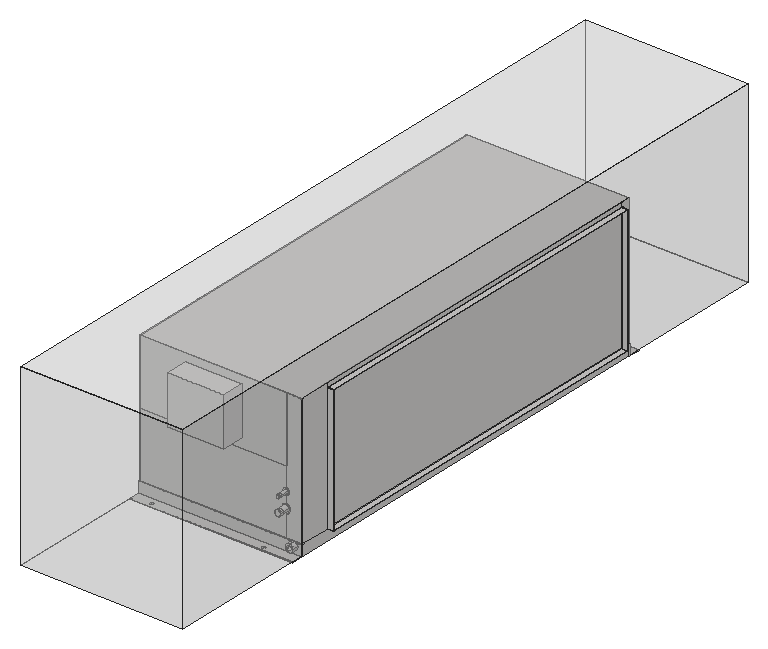
Revit family "outputfile", category 機械設備, Revit 2024
Family settings
  丸型コネクタ寸法 = 半径を使用
  パーツ タイプ = 標準
  OmniClass 番号 = 23.75.10.24.21.27.27
  OmniClass タイトル = Split System Air Conditioning Units
  作業面ベース = いいえ
  常に垂直 = はい
  ロード時にボイドで切り取り = いいえ
  注釈の向きを維持 = いいえ
  共有 = いいえ
  部屋計算ポイント = はい
Parameters (values of type "FDR500QY14")
  Description = ""
  書き出し IFC クラス(タイプ) = "IfcUnitaryEquipmentType"
  定義済み IFC タイプ(タイプ) = "AIRCONDITIONINGUNIT"
  Cost = 0
  Type Comments = ""
  Keynote = ""
  Type Image = (empty or 0)
  Assembly Code = ""
  angle_Drain Pipe [instance] = if(Rear Connection_drainpipe, -90.00°, 90.00°)  # 90.00°
  製造元 = "Daikin"
  モデル = "FDR500QY14"
  w2 = if(Depth = 2195.0 mm, 0.0 mm, if(Depth = 1980.0 mm, 0.0 mm, 352.0 mm))  # 0.0 mm
  w1 = if(Depth = 2195.0 mm, 0.0 mm, if(Depth = 1980.0 mm, 1.0 mm, 20.0 mm))  # 0.0 mm
  switch_frequency = yes
  r_Liquid Pipe Size = Liquid Pipe Size / 2  # 7.95 mm
  r_Gas Pipe Size = Gas Pipe Size / 2  # 14.3 mm
  r_Drain Pipe Size = Drain Pipe Size / 2  # 12.7 mm
  r_D = if(Depth = 2195.0 mm, 41.5 mm, if(Depth = 1980.0 mm, 41.5 mm, 34.5 mm))  # 41.5 mm
  lw_power = if(Depth = 2195.0 mm, Width / 2 - 249.0 mm, if(Depth = 1980.0 mm, Width / 2 - 128.0 mm, Width / 2 - 138.0 mm))  # 186.0 mm
  lw_mountinghole = if(Depth = 2195.0 mm, 100.0 mm, if(Depth = 1980.0 mm, 100.0 mm, if(Depth = 1330.0 mm, 59.0 mm, 59.0 mm)))  # 100.0 mm
  lh_SA = if(Depth = 2195.0 mm, 263.0 mm + SA Duct Size Height / 2, if(Depth = 1980.0 mm, 257.0 mm + SA Duct Size Height / 2, 156.0 mm + SA Duct Size Height / 2))  # 436.5 mm
  ld_SA = if(Depth = 2195.0 mm, 570.0 mm + SA Duct Size Width / 2, if(Depth = 1980.0 mm, 479.0 mm + SA Duct Size Width / 2, 128.0 mm + SA Duct Size Width / 2))  # 1092.5 mm
  ld_RA = if(Depth = 2195.0 mm, 171.0 mm + RA Duct Size Width / 2, if(Depth = 1980.0 mm, 169.0 mm + RA Duct Size Width / 2, 128.0 mm + RA Duct Size Width / 2))  # 1158.0 mm
  lh_power = if(Depth = 2195.0 mm, 490.0 mm, if(Depth = 1980.0 mm, 300.0 mm, 200.0 mm))  # 490.0 mm
  lh_RA = if(Depth = 2195.0 mm, 60.0 mm + RA Duct Size Height / 2, if(Depth = 1980.0 mm, 61.0 mm + RA Duct Size Height / 2, 156.0 mm + RA Duct Size Height / 2))  # 399.5 mm
  ld_power = if(Depth = 2195.0 mm, 75.8 mm, if(Depth = 1980.0 mm, 70.0 mm, 76.6 mm))  # 75.8 mm
  l_SA = if(Depth = 2195.0 mm, 36.0 mm, if(Depth = 1980.0 mm, 35.0 mm, 39.0 mm))  # 36.0 mm
  l_RA = if(Depth = 2195.0 mm, 36.0 mm, if(Depth = 1980.0 mm, 35.0 mm, 39.0 mm))  # 36.0 mm
  d = if(Depth = 1330.0 mm, 20.0 mm, 0.0 mm)  # 0.0 mm
  connector_voltage = Voltage_50Hz  # 400 V
  connector_powerinput = [Power Input (Cooling)]  # 26.390 kW
  connector_phase = Phase_50Hz  # 3
  Voltage_comment_50Hz = "380 - 415"
  Voltage_50Hz = 400 V
  URL = ""
  Supply Air Direction [instance] = yes
  Sound Power Level_H speed (dB) = 0
  Rear Connection_drainpipe [instance] = not(Front Connection_drainpipe)  # no
  Phase_50Hz = 3
  Minimum External Static Pressure = 0.00 Pa
  Minimum Circuit Amps_50Hz = 6.1 A
  Maximum Fuse Amps_50Hz = 16.0 A
  Maximum External Static Pressure = 150.00 Pa
  Material_Casing = DAIKIN_GalvanizedSteel_Casing_indoorunit
  lw_mountinghole_pitch = if(Depth = 2195.0 mm, 600.0 mm, if(Depth = 1980.0 mm, 600.0 mm, if(Depth = 1330.0 mm, 732.0 mm, 732.0 mm)))  # 600.0 mm
  lh_gaspipe = if(Depth = 2195.0 mm, 205.0 mm, if(Depth = 1980.0 mm, 205.0 mm, 187.0 mm))  # 205.0 mm
  lh_mountinghole = if(Depth = 2195.0 mm, 0.0 mm, if(Depth = 1980.0 mm, 0.0 mm, if(Depth = 1330.0 mm, 495.0 mm, 495.0 mm)))  # 0.0 mm
  lh_liquidpipe = if(Depth = 2195.0 mm, 285.0 mm, if(Depth = 1980.0 mm, 285.0 mm, 187.0 mm))  # 285.0 mm
  lh_drainpipe = if(Depth = 2195.0 mm, 38.0 mm, if(Depth = 1980.0 mm, 38.0 mm, 32.0 mm))  # 38.0 mm
  l_antena = Height - lh_mountinghole + 1.0 mm  # 761.0 mm
  ld_drainpipe = if(Depth = 2195.0 mm, Depth / 2 + 29.0 mm, if(Depth = 1980.0 mm, Depth / 2 + 29.0 mm, Depth / 2 + 9.0 mm))  # 1126.5 mm
  ld_liquidpipe = if(Depth = 2195.0 mm, Depth / 2 + 55.0 mm, if(Depth = 1980.0 mm, Depth / 2 + 55.0 mm, Depth / 2 + 60.0 mm))  # 1152.5 mm
  ld_gaspipe = if(Depth = 2195.0 mm, Depth / 2 + 55.0 mm, if(Depth = 1980.0 mm, Depth / 2 + 55.0 mm, Depth / 2 + 58.0 mm))  # 1152.5 mm
  ld_mountinghole_pitch = if(Depth = 2195.0 mm, 2280.0 mm, if(Depth = 1980.0 mm, 2070.0 mm, 1386.0 mm))  # 2280.0 mm
  h*** = 0.0 mm  # constant formula
  lw_liquidpipe = if(Depth = 2195.0 mm, 83.0 mm, if(Depth = 1980.0 mm, 87.0 mm, 126.0 mm))  # 83.0 mm
  lw_gaspipe = if(Depth = 2195.0 mm, 83.0 mm, if(Depth = 1980.0 mm, 87.0 mm, 47.0 mm))  # 83.0 mm
  lw_drainpipe = if(Depth = 2195.0 mm, 43.0 mm, if(Depth = 1980.0 mm, 45.0 mm, 46.0 mm))  # 43.0 mm
  Width = 870.0 mm
  Version = "ver.1.0"
  Unit Type = "Duct"
  Unit Mass Weight = 204.00 kg
  Unit Designation [instance] = ""
  Uniclass2015Version = "Products v1.30"
  Uniclass2015Title = "Split coil room air conditioning units"
  Uniclass2015Code = "Pr_70_65_03_86"
  Total Cooling Capacity [instance] = 0.000 kW
  Sound Pressure Level_M speed (dBA) = 0
  Sound Pressure Level_L speed (dBA) = 0
  Sound Pressure Level_H speed (dBA) = 60
  Series = "Package Aircon_Fan Coil Unit"
  Sensible Cooling Capacity [instance] = 0.000 kW
  SA Duct Size Width = 1045.0 mm
  SA Duct Size Height = 347.0 mm
  Refrigerant Type = "R410A"
  RA Duct Size Width = 1974.0 mm
  RA Duct Size Height = 679.0 mm
  Power Input (Cooling) = 26.390 kW
  Option Accessory 3 [instance] = ""
  Option Accessory 2 [instance] = ""
  Option Accessory 1 [instance] = ""
  Nominal Cooling Capacity = 57.700 kW
  Minimum Airflow = 0.00 m³/h
  Median Airflow = 0.00 m³/h
  Maximum Airflow = 9960.00 m³/h
  Load Classification = HVAC
  Liquid Pipe Size = 15.9 mm
  Link_Nested Family [instance] = ""
  Front Connection_drainpipe [instance] = yes
  IfcVersion = ""
  IfcExportType = "AIRCONDITIONINGUNIT"
  IfcExportAs = "IfcUnitaryEquipmentType"
  Height = 760.0 mm
  Heat Exchanger Type = "Cross Fin Coil"
  Gas Pipe Size = 28.6 mm
  Frequency_50Hz = 50 Hz
  Fan Type = "Sirocco Fan"
  Fan Drive = "-"
  FCU Tag No. [instance] = ""
  Drain Pipe Size = 25.4 mm
  Design Supply Airflow [instance] = 0.00 m³/h
  Design Return Airflow [instance] = 0.00 m³/h
  Design External Static Pressure [instance] = 0.00 Pa
  Depth = 2195.0 mm
  既定の高さ = 0.0 mm
  Cooling Entering Wet Bulb Temperature [instance] = 0.00 °C
  Cooling Entering Dry Bulb Temperature [instance] = 0.00 °C
  Cooling Ambient Wet Bulb Temperature [instance] = 0.00 °C
  Cooling Ambient Dry Bulb Temperature [instance] = 0.00 °C
  Clearance visibility [instance] = yes
  Clearance Top = 200.0 mm
  Clearance Right = 0.0 mm
  Clearance Rear = 800.0 mm
  Clearance Left = 0.0 mm
  Clearance Front = 800.0 mm
  Clearance Bottom = 0.0 mm
  A = if(Depth = 2195.0 mm, 60.0 mm, if(Depth = 1980.0 mm, 61.0 mm, 63.0 mm))  # 60.0 mm
  300-500 = not([200/250])  # yes
  200/250 = Depth = 1330.0 mm  # no
Reference planes
  plane 1 "Center (Front/Back)": y = 0
  plane 2 "h": z = 0
  plane 3 "Center (Left/Right)": x = 0
  plane 4 "Back": y = 1097.5
  plane 5 "Front": y = -1097.5
  plane 6 "Left": x = -435
  plane 7 "Right": x = 435
  plane 8 "Top": z = 0
  plane 9 "Bottom": z = -760
  plane 10: y = 1897.5
  plane 11: y = -1897.5
  plane 12: x = -435
  plane 13: x = 435
  plane 14: z = 200
  plane 15: z = -760
  plane 16 "ld_RA": y = 60.5
  plane 17 "lh_RA": z = -360.5
  plane 18 "ld_gaspipe": y = -1152.5
  plane 19 "ld_drainpipe": y = -1126.5
  plane 20 "lw_drainpipe": x = 392
  plane 21 "lw_liquidpipe": x = 352
  plane 22 "lw_gaspipe": x = 352
  plane 23 "lw_mountinghole": x = -335
  plane 24 "lw_mountinghole1": x = 265
  plane 25 "ld_mountinghole": y = -1140
  plane 26 "ld_mountinghole1": y = 1140
  plane 27 "lh_mountinghole": z = -760
  plane 28 "lh_SA": z = -323.5
  plane 29 "ld_liquidpipe": y = -1152.5
  plane 30 "ld_power": y = -1173.3
  plane 31 "ld_drainpipe1": y = 1126.5
  plane 32 "ld_SA": y = -5
  plane 33 "A": z = -700
  plane 34: y = 1097.5
  plane 35: y = -1097.5
  plane 36: x = -435
  plane 37: x = 435
  plane 38: z = -722
  plane 39: z = -722
Forms (mm)
  Extrusion 1, solid, material "DAIKIN_GalvanizedSteel_Casing_indoorunit" <- "Material_Casing"
    sketch origin (0, 0, -760) x (-1, 0, 0) y (0, -1, 0)
      loop
        line (434, -1097.5) -> (434, 1097.5) -> (-435, 1097.5) -> (-435, -1097.5) -> (434, -1097.5)
    from 760 to 60
  Extrusion 2, solid, material "DAIKIN_GalvanizedSteel_Casing_indoorunit" <- "Material_Casing"
    sketch origin (0, 0, -760) x (-1, 0, 0) y (0, -1, 0)
      loop
        line (435, -1097.5) -> (435, 1097.5) -> (-435, 1097.5) -> (-435, -1097.5) -> (435, -1097.5)
    from 0 to 60
  Extrusion 3, solid, material "DAIKIN_GalvanizedSteel_Casing_indoorunit" <- "Material_Casing", visible <- "200/250"
    sketch origin (0, 0, 0) x (1, 0, 0) y (0, 0, 1)
      loop
        line (94.8, -700) -> (94.8, -760) -> (429.6, -760) -> (429.6, -700) -> (94.8, -700)
    from -1097.5 to 1097.5
  Extrusion 4, solid, material "DAIKIN_GalvanizedSteel_Casing_indoorunit" <- "Material_Casing", visible <- "Front Connection_drainpipe"
    sketch origin (435, -1097.5, -760) x (-1, 0, 0) y (0, 0, -1)
      loop
        circle (43, -38) r 20.75
      loop
        circle (43, -38) r 12.7
    from 0 to 29
  Extrusion 5, solid, material "DAIKIN_GalvanizedSteel_Casing_indoorunit" <- "Material_Casing", visible <- "Rear Connection_drainpipe"
    sketch origin (-435, 1097.5, -760) x (1, 0, 0) y (0, 0, -1)
      loop
        circle (827, -38) r 20.75
      loop
        circle (827, -38) r 12.7
    from 0 to 29
Dimensions and locks
  "Height": plane 8 "Top" to plane 9 "Bottom"
  equal spacing: plane 4 "Back", plane 1 "Center (Front/Back)", plane 5 "Front"
  "Depth": plane 4 "Back" to plane 5 "Front"
  equal spacing: plane 6 "Left", plane 3 "Center (Left/Right)", plane 7 "Right"
  "Width": plane 6 "Left" to plane 7 "Right"
  "Clearance Left": plane 12 to plane 6 "Left"
  "Clearance Right": plane 7 "Right" to plane 13
  "Clearance Rear": plane 10 to plane 4 "Back"
  "Clearance Front": plane 5 "Front" to plane 11
  "Clearance Top": plane 14 to plane 8 "Top"
  "Clearance Bottom": plane 9 "Bottom" to plane 15
  "ld_RA": plane 16 "ld_RA" to plane 5 "Front"
  "lh_RA": plane 17 "lh_RA" to plane 9 "Bottom"
  "lw_drainpipe": plane 20 "lw_drainpipe" to plane 7 "Right"
  "lw_liquidpipe": plane 21 "lw_liquidpipe" to plane 7 "Right"
  "lw_gaspipe": plane 22 "lw_gaspipe" to plane 7 "Right"
  "lw_mountinghole_pitch": plane 23 "lw_mountinghole" to plane 24 "lw_mountinghole1"
  equal spacing: plane 25 "ld_mountinghole", plane 1 "Center (Front/Back)", plane 26 "ld_mountinghole1"
  "ld_mountinghole_pitch": plane 26 "ld_mountinghole1" to plane 25 "ld_mountinghole"
  "lh_mountinghole": plane 27 "lh_mountinghole" to plane 9 "Bottom"
  "lh_SA": plane 28 "lh_SA" to plane 9 "Bottom"
  "h***": plane 8 "Top" to plane 2 "h"
  "lw_mountinghole": plane 6 "Left" to plane 23 "lw_mountinghole"
  "ld_drainpipe": plane 31 "ld_drainpipe1" to plane 1 "Center (Front/Back)"
  "ld_drainpipe": plane 1 "Center (Front/Back)" to plane 19 "ld_drainpipe"
  "ld_power": plane 5 "Front" to plane 30 "ld_power"
  "ld_liquidpipe": plane 29 "ld_liquidpipe" to plane 1 "Center (Front/Back)"
  "ld_gaspipe": plane 18 "ld_gaspipe" to plane 1 "Center (Front/Back)"
  "ld_SA": plane 32 "ld_SA" to plane 5 "Front"
  "A": plane 33 "A" to plane 9 "Bottom"
  "w1": plane 6 "Left" to plane 36
  "d": plane 4 "Back" to plane 34
  "d": plane 35 to plane 5 "Front"
  "w2": plane 37 to plane 7 "Right"
  locked: plane 6 "Left" to Extrusion 1 sketch curve at 1
  locked: Extrusion 3 sketch curve to Extrusion 3 sketch curve at 334.8
  locked: Extrusion 3 sketch curve to plane 7 "Right" at 5.4
  "lh_drainpipe": plane 38 to plane 9 "Bottom"
  "lh_drainpipe": plane 39 to plane 9 "Bottom"
  "r_D": diameter of Extrusion 4 sketch curve
  "Drain Pipe Size": diameter of Extrusion 4 sketch curve
  "Drain Pipe Size": diameter of Extrusion 5 sketch curve
  "r_D": diameter of Extrusion 5 sketch curve
  aligned and locked: level to plane 2 "h"
  aligned and locked: nested 4 to plane 11
  aligned and locked: nested 4 to plane 12  (x2)
  aligned and locked: nested 4 to plane 13
  aligned and locked: plane 10 to nested 4
  aligned and locked: plane 14 to nested 4
  aligned and locked: plane 15 to nested 4
  aligned and locked: nested 2 to plane 21 "lw_liquidpipe"
  aligned and locked: nested 1 to plane 22 "lw_gaspipe"
  aligned and locked: nested 1 to plane 18 "ld_gaspipe"
  aligned and locked: plane 23 "lw_mountinghole" to nested 6
  aligned and locked: nested 6 to plane 26 "ld_mountinghole1"
  aligned and locked: plane 24 "lw_mountinghole1" to nested 5
  aligned and locked: nested 5 to plane 26 "ld_mountinghole1"
  aligned and locked: plane 24 "lw_mountinghole1" to nested 8
  aligned and locked: plane 25 "ld_mountinghole" to nested 8
  aligned and locked: plane 25 "ld_mountinghole" to nested 7
  aligned and locked: plane 23 "lw_mountinghole" to nested 7
  aligned and locked: nested 2 to plane 29 "ld_liquidpipe"
  aligned and locked: plane 28 "lh_SA" to nested 9
  aligned and locked: nested 3 to plane 3 "Center (Left/Right)"
  aligned and locked: plane 1 "Center (Front/Back)" to nested 3
  aligned and locked: nested 11 to plane 3 "Center (Left/Right)"
  aligned and locked: nested 11 to plane 30 "ld_power"
  aligned and locked: nested 9 to plane 6 "Left"
  aligned and locked: nested 9 to plane 32 "ld_SA"
  aligned and locked: plane 7 "Right" to nested 10
  aligned and locked: plane 16 "ld_RA" to nested 10
  aligned and locked: plane 7 "Right" to nested 12
  aligned and locked: nested 12 to plane 1 "Center (Front/Back)"
  aligned and locked: plane 1 "Center (Front/Back)" to nested 13
  aligned and locked: nested 13 to plane 6 "Left"
  aligned and locked: plane 9 "Bottom" to nested 13
  aligned and locked: Extrusion 1 sketch curve to plane 4 "Back"
  aligned and locked: plane 5 "Front" to Extrusion 1 sketch curve
  aligned and locked: Extrusion 1 sketch curve to plane 7 "Right"
  aligned and locked: Extrusion 1 to plane 8 "Top"
  aligned and locked: Extrusion 1 to plane 33 "A"
  aligned and locked: Extrusion 2 sketch curve to plane 34
  aligned and locked: Extrusion 2 sketch curve to plane 36
  aligned and locked: plane 35 to Extrusion 2 sketch curve
  aligned and locked: Extrusion 2 sketch curve to plane 37
  aligned and locked: plane 33 "A" to Extrusion 2
  aligned and locked: Extrusion 2 to plane 9 "Bottom"
  aligned and locked: plane 25 "ld_mountinghole" to nested 14
  aligned and locked: nested 15 to plane 26 "ld_mountinghole1"
  aligned and locked: plane 23 "lw_mountinghole" to nested 14
  aligned and locked: nested 15 to plane 23 "lw_mountinghole"
  aligned and locked: plane 9 "Bottom" to nested 15
  aligned and locked: nested 14 to plane 9 "Bottom"
  aligned and locked: plane 23 "lw_mountinghole" to nested 16
  aligned and locked: plane 24 "lw_mountinghole1" to nested 17
  aligned and locked: nested 16 to plane 25 "ld_mountinghole"
  aligned and locked: nested 17 to plane 25 "ld_mountinghole"
  aligned and locked: nested 18 to plane 26 "ld_mountinghole1"
  aligned and locked: nested 19 to plane 26 "ld_mountinghole1"
  aligned and locked: nested 19 to plane 24 "lw_mountinghole1"
  aligned and locked: nested 18 to plane 23 "lw_mountinghole"
  aligned and locked: plane 27 "lh_mountinghole" to nested 18
  aligned and locked: plane 27 "lh_mountinghole" to nested 16
  aligned and locked: plane 27 "lh_mountinghole" to nested 19
  aligned and locked: plane 27 "lh_mountinghole" to nested 17
  aligned and locked: plane 8 "Top" to nested 12
  aligned and locked: Extrusion 3 sketch curve to plane 33 "A"
  aligned and locked: plane 9 "Bottom" to Extrusion 3 sketch curve
  aligned and locked: Extrusion 2 to Extrusion 3  (x2)
  aligned and locked: nested 20 to plane 5 "Front"
  aligned and locked: plane 3 "Center (Left/Right)" to nested 20
  aligned and locked: plane 9 "Bottom" to nested 20
  aligned and locked: Extrusion 4 sketch curve to plane 20 "lw_drainpipe"  (x2)
  aligned and locked: plane 38 to Extrusion 4 sketch curve  (x2)
  aligned and locked: Extrusion 4 to plane 19 "ld_drainpipe"
  aligned and locked: Extrusion 5 sketch curve to plane 20 "lw_drainpipe"  (x2)
  aligned and locked: plane 39 to Extrusion 5 sketch curve  (x2)
  aligned and locked: plane 31 "ld_drainpipe1" to Extrusion 5
  aligned and locked: plane 1 "Center (Front/Back)" to nested 21
  aligned and locked: nested 21 to plane 20 "lw_drainpipe"
Nested families
  nested 1: "daikin_connector_rotate2" at (352, 0, -555), length <- "ld_gaspipe", built-in parameter 1001364 <- "lh_gaspipe", radius <- "r_Gas Pipe Size", type "daikin_connector_rotate2"
    with radius 14.3 mm, length 1152.5 mm, angle_vertical 90.00°
  nested 2: "daikin_connector_rotate2" at (352, 0, -475), length <- "ld_liquidpipe", built-in parameter 1001364 <- "lh_liquidpipe", radius <- "r_Liquid Pipe Size", type "daikin_connector_rotate2"
    with radius 7.95 mm, length 1152.5 mm, angle_vertical 90.00°
  nested 3: "daikin_△_symbolicline" at (0, 0, 760) x (0, -1, 0) z (0, 0, 1), built-in parameter 1001364 <- "Height", visible <- "Supply Air Direction", type "daikin_△_symbolicline"
    with length 250.0 mm
  nested 4: "daikin_clearancespace" at (0, 0, -279.881), visible <- "Clearance visibility", show <- "Clearance visibility", Link_Nested Family <- "Link_Nested Family", type "daikin_clearancespace"
    with width 870.0 mm, show yes, height 960.0 mm, depth 3795.0 mm, Link_Nested Family ""
  nested 5: "daikin_mountinghole" at (265, 1140, -760), l_antenna <- "l_antena", Link_Nested Family <- "Link_Nested Family", h_mountinghole <- "lh_mountinghole", type "daikin_mountinghole"
    with show yes, l_antenna 761.0 mm, h_mountinghole 0.0 mm, Link_Nested Family ""
  nested 6: "daikin_mountinghole" at (-335, 1140, -760), l_antenna <- "l_antena", Link_Nested Family <- "Link_Nested Family", h_mountinghole <- "lh_mountinghole", type "daikin_mountinghole"
    with show yes, l_antenna 761.0 mm, h_mountinghole 0.0 mm, Link_Nested Family ""
  nested 7: "daikin_mountinghole" at (-335, -1140, -760), h_mountinghole <- "lh_mountinghole", l_antenna <- "l_antena", Link_Nested Family <- "Link_Nested Family", type "daikin_mountinghole"
    with show yes, l_antenna 761.0 mm, h_mountinghole 0.0 mm, Link_Nested Family ""
  nested 8: "daikin_mountinghole" at (265, -1140, -760), h_mountinghole <- "lh_mountinghole", l_antenna <- "l_antena", Link_Nested Family <- "Link_Nested Family", type "daikin_mountinghole"
    with show yes, l_antenna 761.0 mm, h_mountinghole 0.0 mm, Link_Nested Family ""
  nested 9: "daikin_connector_rotate2" at (-435, -5, -323.5) x (0, -1, 0) z (0, 0, 1), built-in parameter 1001364 <- "lh_SA", length <- "l_SA", type "daikin_connector_rotate2"
    with radius 10.0 mm, length 36.0 mm, angle_vertical 90.00°
  nested 10: "daikin_connector_rotate2" at (435, 60.5, -360.5) x (0, 1, 0) z (0, 0, 1), built-in parameter 1001364 <- "lh_RA", length <- "l_RA", type "daikin_connector_rotate2"
    with radius 10.0 mm, length 36.0 mm, angle_vertical 90.00°
  nested 11: "daikin_connector_rotate2" at (0, -1173.3, -270) x (0, -1, 0) z (0, 0, 1), length <- "lw_power", built-in parameter 1001364 <- "lh_power", type "daikin_connector_rotate2"
    with radius 10.0 mm, length 186.0 mm, angle_vertical 90.00°
  nested 12: "daikin_RA ductflange_FDR-QY14" at (435, 0, -760) x (0, 1, 0) z (0, 0, 1), type "daikin_RA ductflange_FDR-QY14"
  nested 13: "daikin_SA ductflange_FDR-QY14" at (-435, 0, -760) x (0, -1, 0) z (0, 0, 1), type "daikin_SA ductflange_FDR-QY14"
    with lh_SA 263.0 mm, ld_SA 570.0 mm, l_SA 36.0 mm, a 60.0 mm, SA Duct Size Width 1045.0 mm, SA Duct Size Height 347.0 mm, Depth 2195.0 mm, Height 760.0 mm, t 1.0 mm, 450/500 yes, 200/250以外 yes, 200/250 no
  nested 14: "daikin_anchor boltsfixture_FDR-QY14" at (-335, -1140, -760), visible <- "300-500", type "daikin_anchor boltsfixture_FDR-QY14"
  nested 15: "daikin_anchor boltsfixture_FDR-QY14" at (-335, 1140, -760), visible <- "300-500", type "daikin_anchor boltsfixture_FDR-QY14"
  nested 16: "daikin_hangerfixture_FDR-QY14" at (-335, -1140, -760) x (0, 1, 0) z (0, 0, 1), visible <- "200/250", type "daikin_hangerfixture_FDR-QY14"
  nested 17: "daikin_hangerfixture_FDR-QY14" at (265, -1140, -760) x (0, 1, 0) z (0, 0, 1), visible <- "200/250", type "daikin_hangerfixture_FDR-QY14"
  nested 18: "daikin_hangerfixture_FDR-QY14" at (-335, 1140, -760) x (0, -1, 0) z (0, 0, 1), visible <- "200/250", type "daikin_hangerfixture_FDR-QY14"
  nested 19: "daikin_hangerfixture_FDR-QY14" at (265, 1140, -760) x (0, -1, 0) z (0, 0, 1), visible <- "200/250", type "daikin_hangerfixture_FDR-QY14"
  nested 20: "daikin_rightpanel_FDR-QY14" at (0, -1097.5, -760), material <- "Material_Casing", type "daikin_rightpanel_FDR-QY14"
    with material DAIKIN_GalvanizedSteel_Casing_indoorunit, 外径_gaspipe 31.1 mm, 内径_gaspipe 28.6 mm, width 870.0 mm, switch_unit_450/500 yes, switch_unit_200/250 no, lw_liquidpipe 83.0 mm, lw_gaspipe 83.0 mm, lw_control box 249.0 mm, lh_liquidpipe 285.0 mm, lh_gaspipe 205.0 mm, lh_control box 458.0 mm, ld_liquidpipe 55.0 mm, 外径_liquidpipe 17.8 mm, 内径_liquidpipe 15.9 mm, ld_gaspipe 55.0 mm, height 760.0 mm, depth 2195.0 mm
  nested 21: "daikin_connector_rotate2" at (392, 0, -722), built-in parameter 1001364 <- "lh_drainpipe", length <- "ld_drainpipe", radius <- "r_Drain Pipe Size", angle_vertical <- "angle_Drain Pipe", type "daikin_connector_rotate2"
    with radius 12.7 mm, length 1126.5 mm, angle_vertical 90.00°
Connectors
  piping at (352, -1152.5, -555), diameter 28.6, driven by "r_Gas Pipe Size"
    settings: on nested 1, index 4, connector inside diameter 609.6 mm, connector length 0.0 mm, flow factor 0, pipe flow 0.00 m³/h, pressure drop 0.0 Pa, fitting loss kfactor 0, connector angle 0.00°, fixture units 0, engagement length 0.0 mm, angle of deflection 0.00°, flow configuration 1, flow direction 2, fitting loss method 0, system type 29, joint type 0, gender type 0, connector reference index -1, connector utility 0, adjustable connector no, is connector primary yes, connector description "Refrigerant Gas Piping"
  piping at (352, -1152.5, -475), diameter 15.9, driven by "r_Liquid Pipe Size"
    settings: on nested 2, index 5, connector inside diameter 609.6 mm, connector length 0.0 mm, flow factor 0, pipe flow 0.00 m³/h, pressure drop 0.0 Pa, fitting loss kfactor 0, connector angle 0.00°, fixture units 0, engagement length 0.0 mm, angle of deflection 0.00°, flow configuration 1, flow direction 1, fitting loss method 0, system type 29, joint type 0, gender type 0, connector reference index -1, connector utility 0, adjustable connector no, is connector primary no, connector description "Refrigerant Liquid Piping"
  hvac at (-471, -5, -323.5), driven by "SA Duct Size Height", driven by "SA Duct Size Width"
    settings: on nested 9, index 7, duct flow 0.00 m³/h, flow factor 0, pres drop 0.00 Pa, loss coef 0, conn angle 0.00°, conn width 1045.0 mm, conn height 347.0 mm, conn diameter 609.6 mm, duct sys type 1, conn prof type 1, flow config 0, flow direction 2, loss method 4, conn ref index -1, conn util no, is conn primary yes, conn desc "SA Duct"
  hvac at (471, 60.5, -360.5), driven by "RA Duct Size Height", driven by "RA Duct Size Width"
    settings: on nested 10, index 8, duct flow 0.00 m³/h, flow factor 0, pres drop 0.00 Pa, loss coef 0, conn angle 0.00°, conn width 1974.0 mm, conn height 679.0 mm, conn diameter 609.6 mm, duct sys type 2, conn prof type 1, flow config 0, flow direction 1, loss method 4, conn ref index -1, conn util no, is conn primary no, conn desc "RA Duct"
  electrical at (-186, -1173.3, -270), driven by "connector_phase", driven by "Load Classification", driven by "connector_voltage", driven by "connector_powerinput"
    settings: on nested 11, index 9, voltage 400 V, apparent load 26390 VA, apparent load phase1 0 VA, apparent load phase2 0 VA, apparent load phase3 0 VA, power factor 1, load classification "HVAC", number of poles 3, system type 30, power factor state 1, is connector primary yes, connector utility no, sub classification motor no, connector description "Power Supply"
  piping at (392, -1126.5, -722), diameter 25.4, driven by "r_Drain Pipe Size"
    settings: on nested 21, index 10, connector inside diameter 609.6 mm, connector length 0.0 mm, flow factor 0, pipe flow 0.00 m³/h, pressure drop 0.0 Pa, fitting loss kfactor 0, connector angle 0.00°, fixture units 0, engagement length 0.0 mm, angle of deflection 0.00°, flow configuration 1, flow direction 2, fitting loss method 4, system type 16, joint type 0, gender type 0, connector reference index -1, connector utility 0, adjustable connector no, is connector primary no, connector description "Condensate Drain Piping"
Definition of nested family "daikin_clearancespace"
  Parameters (values of type "daikin_clearancespace")
    Description = "daikin_clearancespace"
    width [instance] = 1823.963 mm
    show [instance] = yes
    material = none
    height [instance] = 1359.762 mm
    depth [instance] = 880.0 mm
    Default Elevation = 0.0 mm
    Link_Nested Family [instance] = ""
  Reference planes
    plane 1 "Center (Front/Back)": y = 0
    plane 2 "Center (Elevation)": z = -0.119
    plane 3 "Center (Left/Right)": x = 0
    plane 4: y = 440
    plane 5: y = -440
    plane 6 "Right": x = 911.982
    plane 7 "Left": x = -911.982
    plane 8 "Top": z = 679.762
    plane 9 "Bottom": z = -680
  Forms (mm)
    Extrusion 1, solid, material <- "material", visible <- "show"
      sketch origin (0, 0, 0) x (1, 0, 0) y (0, 1, 0)
        loop
          line (-911.982, 440) -> (-911.982, -440) -> (911.982, -440) -> (911.982, 440) -> (-911.982, 440)
      from -680 to 679.762
  Lines and regions (mm)
    symbolic lines, visible <- "show"
      curve 1: line (911.982, 440, 0) -> (-911.982, 440, 0)
      curve 2: line (-911.982, 440, 0) -> (-911.982, -440, 0)
      curve 3: line (-911.982, -440, 0) -> (911.982, -440, 0)
      curve 4: line (911.982, -440, 0) -> (911.982, 440, 0)
      curve 5: line (911.982, 0, 679.762) -> (-911.982, 0, 679.762)
      curve 6: line (911.982, 0, -680) -> (911.982, 0, 679.762)
      curve 7: line (-911.982, 0, -680) -> (911.982, 0, -680)
      curve 8: line (-911.982, 0, 679.762) -> (-911.982, 0, -680)
      curve 9: line (0, 440, 679.762) -> (0, -440, 679.762)
      curve 10: line (0, -440, 679.762) -> (0, -440, -680)
      curve 11: line (0, 440, -680) -> (0, 440, 679.762)
      curve 12: line (0, -440, -680) -> (0, 440, -680)
  Dimensions and locks
    "width": plane 7 "Left" to plane 6 "Right"
    "depth": plane 4 to plane 5
    "height": plane 8 "Top" to plane 9 "Bottom"
    equal spacing: plane 7 "Left", plane 3 "Center (Left/Right)", plane 6 "Right"
    equal spacing: plane 4, plane 1 "Center (Front/Back)", plane 5
    equal spacing: plane 8 "Top", plane 2 "Center (Elevation)", plane 9 "Bottom"
    aligned and locked: level to plane 2 "Center (Elevation)"
    aligned and locked: Extrusion 1 sketch curve to plane 4
    aligned and locked: plane 7 "Left" to Extrusion 1 sketch curve
    aligned and locked: Extrusion 1 sketch curve to plane 5
    aligned and locked: Extrusion 1 sketch curve to plane 6 "Right"
    aligned and locked: plane 8 "Top" to Extrusion 1
    aligned and locked: curve 1 to Extrusion 1
    aligned and locked: curve 2 to Extrusion 1
    aligned and locked: curve 3 to Extrusion 1
    aligned and locked: curve 4 to Extrusion 1
    aligned and locked: curve 5 to Extrusion 1
    aligned and locked: curve 6 to Extrusion 1
    aligned and locked: curve 7 to Extrusion 1
    aligned and locked: curve 8 to Extrusion 1
    aligned and locked: curve 9 to Extrusion 1
    aligned and locked: curve 10 to Extrusion 1
    aligned and locked: curve 11 to Extrusion 1
    aligned and locked: curve 12 to Extrusion 1
    aligned and locked: Extrusion 1 to plane 9 "Bottom"
Definition of nested family "daikin_RA ductflange_FDR-QY14"
  Parameters (values of type "daikin_RA ductflange_FDR-QY14")
    lh_RA = if(Depth = 2195.0 mm, 60.0 mm, if(Depth = 1980.0 mm, 61.0 mm, 156.0 mm))  # 60.0 mm
    ld_RA = if(Depth = 2195.0 mm, 171.0 mm, if(Depth = 1980.0 mm, 169.0 mm, 128.0 mm))  # 171.0 mm
    l_RA = if(Depth = 2195.0 mm, 36.0 mm, if(Depth = 1980.0 mm, 35.0 mm, 39.0 mm))  # 36.0 mm
    a = if(Depth = 2195.0 mm, 60.0 mm, if(Depth = 1980.0 mm, 61.0 mm, 63.0 mm))  # 60.0 mm
    RA Duct Size Width = if(Depth = 2195.0 mm, 1974.0 mm, if(Depth = 1980.0 mm, 1764.0 mm, 1074.0 mm))  # 1974.0 mm
    RA Duct Size Height = if(Depth = 2195.0 mm, 679.0 mm, if(Depth = 1980.0 mm, 544.0 mm, 294.0 mm))  # 679.0 mm
    Depth = 2195.0 mm
    material = none
    Height = 760.0 mm
    t = if(Depth = 1330.0 mm, 0.8 mm, 1.0 mm)  # 1.0 mm
    Default Elevation = 0.0 mm
    200/250 = Depth = 1330.0 mm  # no
  Reference planes
    plane 1 "Center (Front/Back)": y = 0
    plane 2: z = 0
    plane 3 "Center (Left/Right)": x = 0
    plane 4: x = -1097.5
    plane 5: x = 1097.5
    plane 6: z = 760
    plane 7: z = 739
    plane 8 "a": z = 60
    plane 9: x = -926.5
    plane 10: x = 1047.5
    plane 11: x = -925.5
    plane 12: x = 1046.5
    plane 13: z = 60
    plane 14: y = -36
    plane 15: y = 1
    plane 16: x = -925.5
    plane 17: x = 1046.5
  Forms (mm)
    Extrusion 1, solid, material <- "material"
      sketch origin (0, 0, 0) x (1, 0, 0) y (0, 0, 1)
        loop
          line (-1097.5, 760) -> (-1097.5, 60) -> (-925.5, 60) -> (-925.5, 760) -> (-1097.5, 760)
      from 0 to -1
    Extrusion 2, solid, material <- "material"
      sketch origin (0, 0, 0) x (1, 0, 0) y (0, 0, 1)
        loop
          line (1097.5, 760) -> (1046.5, 760) -> (1046.5, 60) -> (1097.5, 60) -> (1097.5, 760)
      from 0 to -1
    Extrusion 3, solid, material <- "material"
      sketch origin (0, 0, 0) x (1, 0, 0) y (0, 0, 1)
        loop
          line (-926.5, 739) -> (-926.5, 60) -> (-925.5, 60) -> (-925.5, 739) -> (-926.5, 739)
        loop
          line (1046.5, 739) -> (1046.5, 60) -> (1047.5, 60) -> (1047.5, 739) -> (1046.5, 739)
      from 0 to 36
    Extrusion 4, solid, material <- "material"
      sketch origin (0, 0, 0) x (0, 1, 0) y (0, 0, 1)
        loop
          line (-36, 739) -> (-36, 738) -> (1, 738) -> (1, 760) -> (0, 760) -> (0, 739) -> (-36, 739)
        loop
          line (-36, 61) -> (-36, 60) -> (1, 60) -> (1, 61) -> (-36, 61)
      from -925.5 to 1046.5
    Extrusion 5, solid, material <- "material", visible <- "200/250"
      sketch origin (0, 0, 0) x (0, 1, 0) y (0, 0, 1)
        loop
          line (0, 60) -> (0, -33) -> (1, -33) -> (1, 60) -> (0, 60)
      from -925.5 to 1046.5
  Dimensions and locks
    equal spacing: plane 5, plane 3 "Center (Left/Right)", plane 4
    "Depth": plane 5 to plane 4
    "Height": plane 6 to plane 2
    "ld_RA": plane 9 to plane 4
    "RA Duct Size Width": plane 10 to plane 9
    "a": plane 8 "a" to plane 2
    "t": plane 11 to plane 9
    "t": plane 10 to plane 12
    "lh_RA": plane 13 to plane 2
    "RA Duct Size Height": plane 7 to plane 13
    "t": Extrusion 3 sketch curve to Extrusion 3 sketch curve  (x2)
    "l_RA": plane 14 to plane 1 "Center (Front/Back)"
    "t": plane 15 to plane 1 "Center (Front/Back)"
    "t": Extrusion 4 sketch curve to Extrusion 4 sketch curve  (x2)
    "t": plane 17 to plane 10
    "t": plane 9 to plane 16
    locked: Extrusion 5 sketch curve to Extrusion 5 sketch curve at 93
    aligned and locked: level to plane 2
    aligned and locked: Extrusion 1 sketch curve to plane 6
    aligned and locked: plane 4 to Extrusion 1 sketch curve
    aligned and locked: plane 8 "a" to Extrusion 1 sketch curve
    aligned and locked: Extrusion 1 sketch curve to plane 11
    aligned and locked: Extrusion 1 to plane 1 "Center (Front/Back)"
    aligned and locked: plane 6 to Extrusion 2 sketch curve
    aligned and locked: plane 5 to Extrusion 2 sketch curve
    aligned and locked: Extrusion 2 sketch curve to plane 8 "a"
    aligned and locked: Extrusion 2 sketch curve to plane 12
    aligned and locked: Extrusion 2 to plane 1 "Center (Front/Back)"
    aligned and locked: Extrusion 3 sketch curve to plane 7  (x2)
    aligned and locked: plane 9 to Extrusion 3 sketch curve
    aligned and locked: Extrusion 3 sketch curve to plane 10
    aligned and locked: plane 13 to Extrusion 3 sketch curve  (x2)
    aligned and locked: Extrusion 3 to plane 1 "Center (Front/Back)"
    aligned and locked: Extrusion 3 to plane 14
    aligned and locked: plane 15 to Extrusion 1
    aligned and locked: plane 15 to Extrusion 2
    aligned and locked: Extrusion 4 sketch curve to plane 7
    aligned and locked: Extrusion 4 sketch curve to plane 1 "Center (Front/Back)"
    aligned and locked: Extrusion 4 sketch curve to plane 6
    aligned and locked: Extrusion 4 sketch curve to plane 15  (x2)
    aligned and locked: plane 14 to Extrusion 4 sketch curve  (x2)
    aligned and locked: plane 13 to Extrusion 4 sketch curve
    aligned and locked: Extrusion 4 to plane 16
    aligned and locked: plane 17 to Extrusion 4
    aligned and locked: Extrusion 5 sketch curve to plane 13
    aligned and locked: Extrusion 5 sketch curve to plane 1 "Center (Front/Back)"
    aligned and locked: Extrusion 5 sketch curve to plane 15
    aligned and locked: Extrusion 5 to plane 16
    aligned and locked: plane 17 to Extrusion 5
Definition of nested family "daikin_SA ductflange_FDR-QY14"
  Parameters (values of type "daikin_SA ductflange_FDR-QY14")
    lh_SA = if(Depth = 2195.0 mm, 263.0 mm, if(Depth = 1980.0 mm, 257.0 mm, 156.0 mm))  # 156.0 mm
    ld_SA = if(Depth = 2195.0 mm, 570.0 mm, if(Depth = 1980.0 mm, 479.0 mm, 128.0 mm))  # 128.0 mm
    l_SA = if(Depth = 2195.0 mm, 36.0 mm, if(Depth = 1980.0 mm, 35.0 mm, 39.0 mm))  # 39.0 mm
    a = if(Depth = 2195.0 mm, 60.0 mm, if(Depth = 1980.0 mm, 61.0 mm, 63.0 mm))  # 63.0 mm
    SA Duct Size Width = if(Depth = 2195.0 mm, 1045.0 mm, if(Depth = 1980.0 mm, 1045.0 mm, 1074.0 mm))  # 1074.0 mm
    SA Duct Size Height = if(Depth = 2195.0 mm, 347.0 mm, if(Depth = 1980.0 mm, 349.0 mm, 294.0 mm))  # 294.0 mm
    Depth = 1330.0 mm
    material = none
    Height = 500.0 mm
    t = if(Depth = 1330.0 mm, 0.8 mm, 1.0 mm)  # 0.8 mm
    Default Elevation = 0.0 mm
    450/500 = Depth = 2195.0 mm  # no
    300/400 = Depth = 1980.0 mm  # no
    200/250以外 = not(Depth = 1330.0 mm)  # no
    200/250 = or(Depth = 1330.0 mm, and(not(Depth = 1980.0 mm), not(Depth = 2195.0 mm)))  # yes
  Reference planes
    plane 1 "Center (Front/Back)": y = 0
    plane 2: z = 0
    plane 3 "Center (Left/Right)": x = 0
    plane 4: x = -665
    plane 5: x = 665
    plane 6: z = 500
    plane 7: z = 450
    plane 8 "a": z = 63
    plane 9: x = -537
    plane 10: x = 537
    plane 11: z = 156
    plane 12: y = -39
    plane 13: y = 0.8
    plane 14: x = -536.2
    plane 15: x = 536.2
  Forms (mm)
    Extrusion 1, solid, material <- "material"
      sketch origin (0, 0, 0) x (1, 0, 0) y (0, 0, 1)
        loop
          line (-537, 450) -> (-537, 156) -> (-536.2, 156) -> (-536.2, 450) -> (-537, 450)
        loop
          line (536.2, 450) -> (536.2, 156) -> (537, 156) -> (537, 450) -> (536.2, 450)
      from 0 to 39
    Extrusion 2, solid, material <- "material"
      sketch origin (0, 0, 0) x (0, 1, 0) y (0, 0, 1)
        loop
          line (-39, 450) -> (-39, 449.2) -> (0.8, 449.2) -> (0.8, 450) -> (-39, 450)
        loop
          line (-39, 156.8) -> (-39, 156) -> (0.8, 156) -> (0.8, 156.8) -> (-39, 156.8)
      from -536.2 to 536.2
    Extrusion 3, solid, material <- "material", visible <- "200/250以外"
      sketch origin (0, 0, 0) x (1, 0, 0) y (0, 0, 1)
        loop
          line (-557, 450) -> (-557, 156) -> (-537, 156) -> (-537, 450) -> (-557, 450)
        loop
          line (537, 450) -> (537, 156) -> (557, 156) -> (557, 450) -> (537, 450)
      from 0 to -0.8
    Extrusion 4, solid, material <- "material", visible <- "200/250以外"
      sketch origin (0, 0, 0) x (1, 0, 0) y (0, 0, 1)
        loop
          line (-537, 470) -> (-537, 450) -> (537, 450) -> (537, 470) -> (-537, 470)
        loop
          line (-537, 156) -> (-537, 136) -> (537, 136) -> (537, 156) -> (-537, 156)
      from 0 to -0.8
    Extrusion 5, solid, material <- "material", visible <- "200/250"
      sketch origin (0, 0, 0) x (1, 0, 0) y (0, 0, 1)
        loop
          line (-665, 500) -> (-665, 63) -> (-537, 63) -> (-537, 500) -> (-665, 500)
        loop
          line (665, 500) -> (537, 500) -> (537, 63) -> (665, 63) -> (665, 500)
      from 0 to -0.8
    Extrusion 6, solid, material <- "material", visible <- "200/250"
      sketch origin (0, 0, 0) x (1, 0, 0) y (0, 0, 1)
        loop
          line (-537, 500) -> (-537, 450) -> (537, 450) -> (537, 500) -> (-537, 500)
        loop
          line (-537, 156) -> (-537, 63) -> (537, 63) -> (537, 156) -> (-537, 156)
      from 0 to -0.8
    Extrusion 7, solid, material <- "material", visible <- "450/500"
      sketch origin (0, 0, 0) x (1, 0, 0) y (0, 0, 1)
        loop
          line (-707, 450) -> (-707, 63) -> (-557, 63) -> (-557, 450) -> (-707, 450)
        loop
          line (557, 450) -> (557, 63) -> (706, 63) -> (706, 450) -> (557, 450)
      from 0 to -0.8
    Extrusion 8, solid, material <- "material", visible <- "450/500"
      sketch origin (0, 0, 0) x (1, 0, 0) y (0, 0, 1)
        loop
          line (-557, 136) -> (-557, 63) -> (557, 63) -> (557, 136) -> (-557, 136)
        loop
          line (-708, 600) -> (-708, 450) -> (708, 450) -> (708, 600) -> (-708, 600)
      from 0 to -0.8
    Extrusion 9, solid, material <- "material", visible <- "450/500"
      sketch origin (0, 0, 0) x (1, 0, 0) y (0, 0, 1)
        loop
          line (-665, 500) -> (-708, 500) -> (-708, 63) -> (-665, 63) -> (-665, 500)
        loop
          line (708, 500) -> (665, 500) -> (665, 63) -> (708, 63) -> (708, 500)
      from 0 to -0.8
    Extrusion 10, solid, material <- "material", visible <- "300/400"
      sketch origin (0, 0, 0) x (1, 0, 0) y (0, 0, 1)
        loop
          line (-707, 500) -> (-707, 63) -> (-557, 63) -> (-557, 500) -> (-707, 500)
        loop
          line (557, 500) -> (557, 63) -> (706, 63) -> (706, 500) -> (557, 500)
      from 0 to -0.8
    Extrusion 11, solid, material <- "material", visible <- "300/400"
      sketch origin (0, 0, 0) x (1, 0, 0) y (0, 0, 1)
        loop
          line (-557, 239) -> (-557, 63) -> (557, 63) -> (557, 239) -> (-557, 239)
      from 0 to -0.8
    Extrusion 12, solid, material <- "material", visible <- "300/400"
      sketch origin (0, 0, 0) x (1, 0, 0) y (0, 0, 1)
        loop
          line (-993, 500) -> (-993, 0) -> (1016, 0) -> (1016, 500) -> (706, 500) -> (706, 63) -> (-707, 63) -> (-707, 500) -> (-993, 500)
      from 0 to -0.8
  Dimensions and locks
    equal spacing: plane 5, plane 3 "Center (Left/Right)", plane 4
    "Depth": plane 5 to plane 4
    "Height": plane 6 to plane 2
    "SA Duct Size Width": plane 10 to plane 9
    "a": plane 8 "a" to plane 2
    "lh_SA": plane 11 to plane 2
    "SA Duct Size Height": plane 7 to plane 11
    "t": Extrusion 1 sketch curve to Extrusion 1 sketch curve  (x2)
    "l_SA": plane 12 to plane 1 "Center (Front/Back)"
    "t": plane 13 to plane 1 "Center (Front/Back)"
    "t": Extrusion 2 sketch curve to Extrusion 2 sketch curve  (x2)
    "t": plane 15 to plane 10
    "t": plane 9 to plane 14
    locked: Extrusion 3 sketch curve to Extrusion 3 sketch curve at 20  (x2)
    locked: Extrusion 4 sketch curve to Extrusion 4 sketch curve at 20  (x2)
    Extrusion 5 sketch curve to Extrusion 5 sketch curve to Extrusion 5 sketch curve = 1074.0 mm, 128.0 mm
    locked: Extrusion 6 sketch curve to Extrusion 6 sketch curve at 50
    locked: Extrusion 6 sketch curve to Extrusion 6 sketch curve at 93
    locked: Extrusion 7 sketch curve to Extrusion 7 sketch curve at 150
    locked: Extrusion 7 sketch curve to Extrusion 7 sketch curve at 149
    locked: plane 9 to Extrusion 7 sketch curve at 20
    locked: Extrusion 7 sketch curve to plane 10 at 20
    locked: plane 9 to Extrusion 8 sketch curve at 20
    locked: plane 10 to Extrusion 8 sketch curve at 20
    locked: plane 11 to Extrusion 8 sketch curve at 20
    locked: Extrusion 8 sketch curve to Extrusion 8 sketch curve at 150
    locked: plane 9 to Extrusion 8 sketch curve at 171
    locked: plane 10 to Extrusion 8 sketch curve at 171
    locked: plane 9 to Extrusion 10 sketch curve at 20
    locked: Extrusion 10 sketch curve to plane 10 at 20
    locked: Extrusion 10 sketch curve to Extrusion 10 sketch curve at 150
    locked: Extrusion 10 sketch curve to Extrusion 10 sketch curve at 149
    locked: Extrusion 11 sketch curve to Extrusion 11 sketch curve at 176
    Extrusion 12 sketch curve to Extrusion 12 sketch curve = 286.0 mm
    Extrusion 12 sketch curve to Extrusion 12 sketch curve = 310.0 mm
    "ld_SA": plane 5 to plane 10
    aligned and locked: level to plane 2
    aligned and locked: Extrusion 1 sketch curve to plane 7  (x2)
    aligned and locked: plane 9 to Extrusion 1 sketch curve
    aligned and locked: Extrusion 1 sketch curve to plane 10
    aligned and locked: plane 11 to Extrusion 1 sketch curve  (x2)
    aligned and locked: Extrusion 1 to plane 1 "Center (Front/Back)"
    aligned and locked: Extrusion 1 to plane 12
    aligned and locked: Extrusion 2 sketch curve to plane 7
    aligned and locked: Extrusion 2 sketch curve to plane 13  (x2)
    aligned and locked: plane 12 to Extrusion 2 sketch curve  (x2)
    aligned and locked: plane 11 to Extrusion 2 sketch curve
    aligned and locked: Extrusion 2 to plane 14
    aligned and locked: plane 15 to Extrusion 2
    aligned and locked: Extrusion 3 sketch curve to plane 9
    aligned and locked: Extrusion 3 sketch curve to plane 7  (x2)
    aligned and locked: plane 11 to Extrusion 3 sketch curve
    aligned and locked: Extrusion 3 to plane 1 "Center (Front/Back)"
    aligned and locked: plane 13 to Extrusion 3
    aligned and locked: plane 9 to Extrusion 4 sketch curve
    aligned and locked: Extrusion 4 sketch curve to Extrusion 4 sketch curve  (x2)
    aligned and locked: Extrusion 4 sketch curve to plane 10
    aligned and locked: plane 7 to Extrusion 4 sketch curve
    aligned and locked: Extrusion 4 sketch curve to plane 11
    aligned and locked: Extrusion 4 to plane 1 "Center (Front/Back)"
    aligned and locked: plane 13 to Extrusion 4
    aligned and locked: Extrusion 5 sketch curve to plane 6
    aligned and locked: plane 4 to Extrusion 5 sketch curve
    aligned and locked: plane 8 "a" to Extrusion 5 sketch curve
    aligned and locked: Extrusion 5 sketch curve to plane 8 "a"
    aligned and locked: Extrusion 5 sketch curve to plane 10
    aligned and locked: Extrusion 5 to plane 1 "Center (Front/Back)"
    aligned and locked: plane 13 to Extrusion 5
    aligned and locked: plane 9 to Extrusion 6 sketch curve
    aligned and locked: Extrusion 6 sketch curve to Extrusion 6 sketch curve  (x2)
    aligned and locked: Extrusion 6 sketch curve to plane 10
    aligned and locked: plane 7 to Extrusion 6 sketch curve
    aligned and locked: Extrusion 6 sketch curve to plane 11
    aligned and locked: Extrusion 6 to plane 1 "Center (Front/Back)"
    aligned and locked: plane 13 to Extrusion 6
    aligned and locked: Extrusion 7 sketch curve to Extrusion 7 sketch curve  (x2)
    aligned and locked: Extrusion 7 sketch curve to plane 7
    aligned and locked: plane 8 "a" to Extrusion 7 sketch curve
    aligned and locked: Extrusion 7 to plane 1 "Center (Front/Back)"
    aligned and locked: plane 13 to Extrusion 7
    aligned and locked: plane 8 "a" to Extrusion 8 sketch curve
    aligned and locked: plane 7 to Extrusion 8 sketch curve
    aligned and locked: Extrusion 8 to plane 1 "Center (Front/Back)"
    aligned and locked: plane 13 to Extrusion 8
    aligned and locked: Extrusion 9 sketch curve to Extrusion 9 sketch curve  (x2)
    aligned and locked: plane 4 to Extrusion 9 sketch curve
    aligned and locked: Extrusion 9 sketch curve to plane 5
    aligned and locked: Extrusion 9 sketch curve to plane 6
    aligned and locked: plane 8 "a" to Extrusion 9 sketch curve
    aligned and locked: Extrusion 9 to plane 1 "Center (Front/Back)"
    aligned and locked: plane 13 to Extrusion 9
    aligned and locked: Extrusion 10 sketch curve to Extrusion 10 sketch curve  (x2)
    aligned and locked: Extrusion 10 sketch curve to plane 6
    aligned and locked: plane 8 "a" to Extrusion 10 sketch curve
    aligned and locked: Extrusion 10 to plane 1 "Center (Front/Back)"
    aligned and locked: plane 13 to Extrusion 10
    aligned and locked: plane 8 "a" to Extrusion 11 sketch curve
    aligned and locked: Extrusion 11 sketch curve to Extrusion 10
    aligned and locked: Extrusion 10 to Extrusion 11 sketch curve
    aligned and locked: Extrusion 11 to plane 1 "Center (Front/Back)"
    aligned and locked: plane 13 to Extrusion 11
    aligned and locked: plane 6 to Extrusion 12 sketch curve
    aligned and locked: Extrusion 12 sketch curve to plane 2
    aligned and locked: Extrusion 12 sketch curve to Extrusion 12 sketch curve
    aligned and locked: plane 8 "a" to Extrusion 12 sketch curve
    aligned and locked: Extrusion 12 to plane 1 "Center (Front/Back)"
    aligned and locked: plane 13 to Extrusion 12
    aligned and locked: Extrusion 8 to Extrusion 9 sketch curve
    aligned and locked: Extrusion 9 sketch curve to Extrusion 8
    aligned and locked: Extrusion 12 sketch curve to Extrusion 10  (x2)
  Automatic sketch dimensions
    Extrusion 3 sketch curve to plane 11 = 0.0 mm
    Extrusion 3 sketch curve to plane 10 = 0.0 mm
    Extrusion 5 sketch curve to plane 6 = 0.0 mm
Definition of nested family "daikin_anchor boltsfixture_FDR-QY14"
  Parameters (values of type "daikin_hangerfixture_FBA-BV2S9")
    material = none
    Default Elevation = 0.0 mm
    b = if(Height = 760.0 mm, 42.5 mm, 45.0 mm)  # 42.5 mm
    a = if(Height = 760.0 mm, 60.0 mm, 61.0 mm)  # 60.0 mm
    Width = 870.0 mm
    Height = 760.0 mm
  Reference planes
    plane 1 "Center (Front/Back)": y = 0
    plane 2: z = 0
    plane 3 "Center (Left/Right)": x = 0
    plane 4: x = -100
    plane 5: x = 770
    plane 6: x = 600
  Forms (mm)
    Extrusion 1, solid, material <- "material"
      sketch origin (0, 0, 0) x (0, 1, 0) y (0, 0, 1)
        loop
          line (-20, 2.3) -> (-20, 0) -> (42.5, 0) -> (42.5, 57.7) -> (54.5, 57.7) -> (54.5, 60) -> (40.2, 60) -> (40.2, 2.3) -> (-20, 2.3)
      from -100 to 770
    Extrusion 2, void
      sketch origin (0, 0, 0) x (1, 0, 0) y (0, 1, 0)
        loop
          circle (0, 0) r 7.5
        loop
          circle (600, 0) r 7.5
      from 0 to 3
  Cuts and joins
    Extrusion 2 cuts Extrusion 1
  Dimensions and locks
    "a": Extrusion 1 sketch curve to plane 2
    locked: Extrusion 1 sketch curve to plane 1 "Center (Front/Back)" at 20
    "b": plane 1 "Center (Front/Back)" to Extrusion 1 sketch curve
    locked: Extrusion 1 sketch curve to Extrusion 1 sketch curve at 12
    locked: Extrusion 1 sketch curve to Extrusion 1 sketch curve at 2.3  (x3)
    locked: plane 4 to plane 3 "Center (Left/Right)" at 100
    "Width": plane 4 to plane 5
    locked: plane 3 "Center (Left/Right)" to plane 6 at 600
    aligned and locked: level to plane 2
    aligned and locked: Extrusion 1 to plane 4
    aligned and locked: plane 5 to Extrusion 1
  Automatic sketch dimensions
    plane 1 "Center (Front/Back)" to Extrusion 2 sketch curve = 0.0 mm  (x2)
    Extrusion 2 sketch curve to plane 3 "Center (Left/Right)" = 0.0 mm
    Extrusion 2 sketch curve to plane 6 = 0.0 mm
    Extrusion 1 sketch curve to level = 0.0 mm
    radius of Extrusion 2 sketch curve = 7.5 mm  (x2)
Definition of nested family "daikin_hangerfixture_FDR-QY14"
  Parameters (values of type "daikin_hangerfixture_FBA-BV2S9")
    material = none
    Default Elevation = 0.0 mm
  Reference planes
    plane 1 "Center (Front/Back)": y = 0
    plane 2: z = 0
    plane 3 "Center (Left/Right)": x = 0
  Forms (mm)
    Extrusion 1, solid, material <- "material"
      sketch origin (0, 0, 0) x (1, 0, 0) y (0, 0, 1)
        loop
          line (25.2, -3.2) -> (25.2, -60.2) -> (-2.8, -60.2) -> (-2.8, -50.2) -> (-6, -50.2) -> (-6, -63.4) -> (28.4, -63.4) -> (28.4, 0) -> (-22, 0) -> (-22, -15.2) -> (-18.8, -15.2) -> (-18.8, -3.2) -> (25.2, -3.2)
      from -40 to 40
    Extrusion 2, void
      sketch origin (0, 0, 0) x (1, 0, 0) y (0, 1, 0)
        loop
          line (0, 7) -> (-22, 7) -> (-22, -7) -> (0, -7)
          arc (0, -7) -> (7, 0) -> (0, 7) r 7
      from 0 to -15.2
    Extrusion 3, void
      sketch origin (-2.2, 0, -63.4) x (1, 0, 0) y (0, 1, 0)
        loop
          arc (2.2, -16) -> (18.2, 0) -> (2.2, 16) r 16
          line (2.2, 16) -> (-19.8, 16) -> (-19.8, -16) -> (2.2, -16)
      from 0 to 13.2
  Cuts and joins
    Extrusion 2, Extrusion 3 cuts Extrusion 1
  Dimensions and locks
    locked: Extrusion 1 sketch curve to Extrusion 1 sketch curve at 3.2  (x5)
    Extrusion 1 sketch curve to Extrusion 1 sketch curve = 3.2 mm
    locked: Extrusion 1 sketch curve to Extrusion 1 sketch curve at 50.4
    locked: plane 3 "Center (Left/Right)" to Extrusion 1 sketch curve at 22
    locked: Extrusion 1 sketch curve to Extrusion 1 sketch curve at 63.4
    Extrusion 1 sketch curve to Extrusion 1 sketch curve = 34.4 mm
    locked: plane 3 "Center (Left/Right)" to Extrusion 1 sketch curve at 6
    Extrusion 2 sketch curve to plane 1 "Center (Front/Back)" to Extrusion 2 sketch curve = 7.0 mm locked, 7.0 mm locked
    Extrusion 3 sketch curve to plane 1 "Center (Front/Back)" to Extrusion 3 sketch curve = 16.0 mm locked, 16.0 mm locked
    aligned and locked: level to plane 2
    aligned and locked: Extrusion 1 sketch curve to plane 2
    aligned and locked: Extrusion 2 sketch curve to Extrusion 1
    aligned and locked: plane 1 "Center (Front/Back)" to Extrusion 2 sketch curve
    aligned and locked: plane 3 "Center (Left/Right)" to Extrusion 2 sketch curve
    aligned and locked: Extrusion 2 to cut or joined group of Extrusion 1, Extrusion 2, Extrusion 3
    aligned and locked: plane 1 "Center (Front/Back)" to Extrusion 3 sketch curve
    aligned and locked: plane 3 "Center (Left/Right)" to Extrusion 3 sketch curve
    aligned and locked: cut or joined group of Extrusion 1, Extrusion 2, Extrusion 3 to Extrusion 3 sketch curve
    aligned and locked: Extrusion 3 to Extrusion 1
  Automatic sketch dimensions
    Extrusion 1 sketch curve to Extrusion 1 sketch curve = 10.0 mm
    Extrusion 1 sketch curve to Extrusion 1 sketch curve = 12.0 mm
Definition of nested family "daikin_rightpanel_FDR-QY14"
  Parameters (values of type "frontpanel1")
    外径_gaspipe = if(depth = 2195.0 mm, 31.1 mm, if(depth = 1980.0 mm, 31.1 mm, 24.15 mm))  # 24.15 mm
    内径_gaspipe = 60.0 mm
    width = 850.0 mm
    w_control box = if(depth = 2195.0 mm, 302.0 mm, if(depth = 1980.0 mm, 302.0 mm, 302.0 mm))  # 302.0 mm
    switch_unit_450/500 = depth = 2195.0 mm  # no
    switch_unit_300/400 = depth = 1980.0 mm  # no
    switch_unit_200/250 = depth = 1330.0 mm  # yes
    material [instance] = none
    lw_liquidpipe = if(depth = 2195.0 mm, 83.0 mm, if(depth = 1980.0 mm, 87.0 mm, 126.0 mm))  # 126.0 mm
    lw_gaspipe = if(depth = 2195.0 mm, 83.0 mm, if(depth = 1980.0 mm, 87.0 mm, 47.0 mm))  # 47.0 mm
    lw_control box = if(depth = 2195.0 mm, 249.0 mm, if(depth = 1980.0 mm, 128.0 mm, 138.0 mm))  # 138.0 mm
    lh_liquidpipe = if(depth = 2195.0 mm, 285.0 mm, if(depth = 1980.0 mm, 285.0 mm, 187.0 mm))  # 187.0 mm
    lh_gaspipe = if(depth = 2195.0 mm, 205.0 mm, if(depth = 1980.0 mm, 205.0 mm, 187.0 mm))  # 187.0 mm
    lh_control box = if(depth = 2195.0 mm, 458.0 mm, if(depth = 1980.0 mm, 261.0 mm, 168.0 mm))  # 168.0 mm
    ld_liquidpipe = if(depth = 2195.0 mm, 55.0 mm, if(depth = 1980.0 mm, 55.0 mm, 60.0 mm))  # 60.0 mm
    外径_liquidpipe = if(depth = 2195.0 mm, 17.8 mm, if(depth = 1980.0 mm, 17.8 mm, 11.54 mm))  # 11.54 mm
    内径_liquidpipe = 50.0 mm
    ld_gaspipe = if(depth = 2195.0 mm, 55.0 mm, if(depth = 1980.0 mm, 55.0 mm, 58.0 mm))  # 58.0 mm
    height = 500.0 mm
    h_control box = if(depth = 2195.0 mm, 261.6 mm, if(depth = 1980.0 mm, 291.6 mm, 261.6 mm))  # 261.6 mm
    depth = 1330.0 mm
    Default Elevation = 0.0 mm
  Reference planes
    plane 1 "Center (Front/Back)": y = 0
    plane 2 "Bottom": z = 0
    plane 3 "Center (Left/Right)": x = 0
    plane 4: x = -425
    plane 5: x = 425
    plane 6: z = 500
    plane 7: x = -287
    plane 8: x = 15
    plane 9: z = 429.6
    plane 10: z = 168
    plane 11: y = -121
    plane 12 "lh_g": z = 187
    plane 13 "lh_l": z = 187
    plane 14 "lw_g": x = 378
    plane 15 "lw_l": x = 299
    plane 16: y = -60
    plane 17 "ld_g": y = -58
  Forms (mm)
    Extrusion 1, solid, material <- "material"
      sketch origin (0, 0, 0) x (1, 0, 0) y (0, 0, 1)
        loop
          line (-287, 429.6) -> (-287, 168) -> (15, 168) -> (15, 429.6) -> (-287, 429.6)
      from 0 to 121
    Extrusion 2, solid, material <- "material", visible <- "switch_unit_450/500"
      sketch origin (0, 0, 0) x (1, 0, 0) y (0, 0, 1)
        loop
          line (347, 500) -> (347, 60) -> (425, 60) -> (425, 500) -> (347, 500)
      from 0 to -1
    Extrusion 3, solid, material <- "material", visible <- "switch_unit_450/500"
      sketch origin (0, 0, 0) x (1, 0, 0) y (0, 0, 1)
        loop
          line (-425, 500) -> (-425, 150) -> (347, 150) -> (347, 500) -> (-425, 500)
      from 0 to -1
    Extrusion 4, void
      sketch origin (0, 0, 0) x (1, 0, 0) y (0, 0, 1)
        loop
          circle (299, 187) r 16
      from 0 to -1
    Extrusion 5, void
      sketch origin (0, 0, 0) x (1, 0, 0) y (0, 0, 1)
        loop
          circle (378, 187) r 25
      from 0 to -1
    Extrusion 6, solid, material <- "material", visible <- "switch_unit_200/250"
      sketch origin (0, 0, 0) x (1, 0, 0) y (0, 0, 1)
        loop
          line (425, 63) -> (425, 88) -> (77, 88) -> (77, 63) -> (425, 63)
      from 0 to -1
    Extrusion 7, solid, material <- "material", visible <- "switch_unit_200/250"
      sketch origin (0, 0, 0) x (1, 0, 0) y (0, 0, 1)
        loop
          line (-306, 500) -> (-306, 81) -> (49, 81) -> (49, 500) -> (-306, 500)
      from 0 to -1
    Extrusion 8, solid, material <- "material", visible <- "switch_unit_200/250"
      sketch origin (0, 0, 0) x (1, 0, 0) y (0, 0, 1)
        loop
          line (-425, 431.4) -> (-425, 71.4) -> (-385, 71.4) -> (-385, 431.4) -> (-425, 431.4)
      from 0 to -1
    Extrusion 9, solid, material <- "material", visible <- "switch_unit_200/250"
      sketch origin (0, 0, 0) x (1, 0, 0) y (0, 0, 1)
        loop
          line (304, 500) -> (304, 208) -> (378, 208)
          arc (378, 208) -> (399, 187) -> (378, 166) r 21
          line (378, 166) -> (304, 166) -> (304, 88) -> (425, 88) -> (425, 500) -> (304, 500)
      from 0 to -1
    Extrusion 10, solid, material <- "material", visible <- "switch_unit_300/400"
      sketch origin (0, 0, 0) x (1, 0, 0) y (0, 0, 1)
        loop
          line (343, 500) -> (343, 61) -> (425, 61) -> (425, 500) -> (343, 500)
      from 0 to -1
    Extrusion 11, solid, material <- "material", visible <- "switch_unit_300/400"
      sketch origin (0, 0, 0) x (1, 0, 0) y (0, 0, 1)
        loop
          line (-425, 500) -> (-425, 61) -> (34, 61) -> (34, 500) -> (-425, 500)
      from 0 to -1
    Extrusion 12, solid, material <- "material"
      sketch origin (0, 0, 0) x (1, 0, 0) y (0, 0, 1)
        loop
          circle (299, 187) r 25
      from 0 to 60
    Extrusion 13, solid, material <- "material"
      sketch origin (-566.731, -60, 1200) x (-1, 0, 0) y (0, 0, 1)
        loop
          circle (-865.731, -1013) r 5.77
      from 0 to 10
    Extrusion 14, solid, material <- "material"
      sketch origin (0, 0, 0) x (1, 0, 0) y (0, 0, 1)
        loop
          circle (378, 187) r 30
      from 0 to 58
    Extrusion 15, solid, material <- "material"
      sketch origin (-566.731, -58, 1200) x (-1, 0, 0) y (0, 0, 1)
        loop
          circle (-944.731, -1013) r 12.075
      from 0 to 14
    Extrusion 16, solid, material <- "material"
      sketch origin (0, 0, 0) x (1, 0, 0) y (0, 0, 1)
        loop
          circle (299, 187) r 16
        loop
          circle (378, 187) r 21
      from 0 to -1
  Cuts and joins
    Extrusion 4, Extrusion 5 cuts Extrusion 2
    Extrusion 4, Extrusion 5 cuts Extrusion 10
  Dimensions and locks
    equal spacing: plane 4, plane 3 "Center (Left/Right)", plane 5
    "width": plane 4 to plane 5
    "height": plane 6 to plane 2 "Bottom"
    "lw_control box": plane 7 to plane 4
    "w_control box": plane 8 to plane 7
    "lh_control box": plane 10 to plane 2 "Bottom"
    "h_control box": plane 9 to plane 10
    locked: plane 11 to plane 1 "Center (Front/Back)" at 121
    locked: Extrusion 2 sketch curve to Extrusion 2 sketch curve at 78
    locked: Extrusion 2 sketch curve to plane 2 "Bottom" at 60
    locked: Extrusion 3 sketch curve to Extrusion 3 sketch curve at 350
    locked: Extrusion 3 sketch curve to plane 5 at 78
    "lh_liquidpipe": plane 13 "lh_l" to plane 2 "Bottom"
    "lh_gaspipe": plane 12 "lh_g" to plane 2 "Bottom"
    "lw_gaspipe": plane 5 to plane 14 "lw_g"
    "lw_liquidpipe": plane 5 to plane 15 "lw_l"
    locked: Extrusion 6 sketch curve to plane 2 "Bottom" at 63
    locked: Extrusion 6 sketch curve to Extrusion 6 sketch curve at 25
    locked: Extrusion 6 sketch curve to Extrusion 6 sketch curve at 348
    locked: Extrusion 7 sketch curve to Extrusion 7 sketch curve at 419
    locked: plane 7 to Extrusion 7 sketch curve at 19
    locked: Extrusion 7 sketch curve to Extrusion 7 sketch curve at 355
    locked: Extrusion 8 sketch curve to Extrusion 8 sketch curve at 360
    locked: Extrusion 8 sketch curve to Extrusion 8 sketch curve at 40
